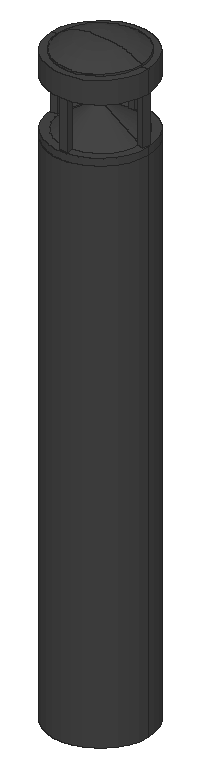
Revit family "Pavilion Round", category Lighting Fixtures, host Face, Revit 2021
Family settings
  Host = Face
  Round Connector Dimension = Use Diameter
  Part Type = Normal
  OmniClass Number = 23.80.70.14.21
  OmniClass Title = Street and Roadway Lighting
  Cut with Voids When Loaded = No
  Light Source = Yes
  Shared = No
  Room Calculation Point = No
Parameters (values of type "PA7R")
  Wattage Comments = ""
  Wattage = 14 W
  Watt = 22 W
  built-in parameter 1150110 = 1 (stored number, unit not read)
  Voltage = 120 V
  URL = "https://www.hubbell.com/kimlighting/en/"
  built-in parameter 1114217 = 1 (stored number, unit not read)
  Tilt Angle = 90.00°
  built-in parameter 1150109 = 1 (stored number, unit not read)
  built-in parameter 1150134 = 2
  built-in parameter 1150113 = 1 (stored number, unit not read)
  Product Page URL = "https://www.hubbell.com/hubbelllightingci/en/Products/Lighting-Controls/Commercial-Outdoor-Lighting/Bollards/Impact-Pavilion-Round/p/8246969"
  Product Documentation Link = "https://hubbellcdn.com/specsheet/kl_pa7r_Impact_spec.pdf"
  Power Factor = 1
  Photometric Web Link = "https://www.hubbell.com/hubbelllightingci/en/Products/Lighting-Controls/Commercial-Outdoor-Lighting/Bollards/Impact-Pavilion-Round/p/8246969#prod-photometry-section"
  Photometric Web File = "PA7R-CH1-12L-010-3K7.ies"
  Photometric Note = "More IES files download in the Photometric Web link"  # constant formula
  NU = yes
  Model = "Pavilion Impact Bollards"  # constant formula
  Manufacturer = "KIM Lighting"  # constant formula
  built-in parameter 1150105 = 94.697 (stored number, unit not read)
  Lumens = 1190 lm
  built-in parameter 1150115 = 1 (stored number, unit not read)
  Louver = no
  Load Classification = Lighting
  built-in parameter 1150137 = (empty or 0)
  built-in parameter 1150139 = (empty or 0)
  Lens Material = Hubbell - Glass
  Lens = no
  built-in parameter 1150112 = 1 (stored number, unit not read)
  built-in parameter 1150114 = 1 (stored number, unit not read)
  Lamp = "LED"  # constant formula
  built-in parameter 1150132 = (empty or 0)
  built-in parameter 1150102 = (empty or 0)
  built-in parameter 1150107 = 5000 (stored number, unit not read)
  built-in parameter 1150138 = (empty or 0)
  built-in parameter 1150106 = 0.94697 (stored number, unit not read)
  Grill = no
  Is Flat Top [instance] = not(Is Crowned Top)  # no
  Fixture Finish = Color : Black
  Features = "ASTM F3016 S20 Impact Rated\r\n• Elegant form factor blended with Performance Optics\r\n• 44 inch OAH S20 Impact Rated Illuminated and Non-Illuminated Bollards\r\n• IDA Dark Sky Compliant, No Up-light configuration\r\n• Bluetooth enabled RGBW accent"  # constant formula
  Emit from Circle Diameter = 5.00"  # constant formula
  Emit Shape Visible in Rendering = no
  built-in parameter 1150104 = 7.8968 (stored number, unit not read)
  Dimming Lamp Color Temperature Shift = <None>
  Description = "The Pavilion Impact Bollards are designed to protect pedestrians and property from the impact of errant or passing vehicles and are ASTM F3016 S20 rated (American Society for Testing and Materials). This is an architectural solution providing safety and security without the look of high security aesthetic.Pavilion redefines the bollard category with state of the art design, performance, and technology. An integral NEMA 3R enclosure, 2-Gang recessed box, and Bluetooth RGBW accent are just a few of the industry first features of Pavilion."  # constant formula
  Default Elevation = 48.00"
  Is Crowned Top [instance] = yes
  Contact us = "https://www.hubbell.com/hubbelllightingci/en/contactUs?productId=2465038"
  Color Filter = 16777215
  built-in parameter 1114218 = 1 (stored number, unit not read)
  built-in parameter 1150133 = 10 (stored number, unit not read)
  Apparent Load = Watt / Power Factor  # 22 VA
Reference planes (in)
  plane 1 "Center (Front/Back)": y = 0
  plane 2: z = 0
  plane 3 "Center (Left/Right)": x = 0
Dimensions and locks (in)
  aligned and locked: plane 2 to host face
  aligned and locked: level to host face
  aligned and locked: plane 3 "Center (Left/Right)" to imposter light
  aligned and locked: imposter light to plane 1 "Center (Front/Back)"
  aligned and locked: plane 3 "Center (Left/Right)" to nested 1
  aligned and locked: plane 1 "Center (Front/Back)" to nested 1
Nested families (in)
  nested 1: "Color" at (0, 0, 0), type <- "Fixture Finish", Lens Filter <- "Lens Material", Grill <- "Grill", Crowned Top <- "Is Crowned Top", Lens <- "Lens", NU <- "NU", Louver <- "Louver", type "Black"
    with NU yes, Louver no, Lens Filter Hubbell - Glass, Lens no, Grill no, Flat Top no, Crowned Top yes
Connectors (in)
  electrical at (0, 0, 0), driven by "Voltage", driven by "Description", driven by "Load Classification", driven by "Apparent Load", driven by "Power Factor"
    settings: on nested 1, index 1, voltage 120 V, apparent load 22 VA, apparent load phase1 0 VA, apparent load phase2 0 VA, apparent load phase3 0 VA, power factor 1, load classification "Lighting", number of poles 1, system type 30, power factor state 1, is connector primary yes, connector utility no, sub classification motor no, connector description "The Pavilion Impact Bollards are designed to protect pedestrians and property from the impact of errant or passing vehicles and are ASTM F3016 S20 rated (American Society for Testing and Materials). This is an architectural solution providing safety and security without the look of high security aesthetic.Pavilion redefines the bollard category with state of the art design, performance, and technology. An integral NEMA 3R enclosure, 2-Gang recessed box, and Bluetooth RGBW accent are just a few of the industry first features of Pavilion."
Definition of nested family "Color"
  Parameters (values of type "Black")
    Wattage Comments = ""
    Voltage = 0 V
    URL = ""
    Product Page URL = ""
    Product Material = none
    Product Documentation Link = ""
    NU [instance] = yes
    Model = ""
    Manufacturer Phone = ""
    Manufacturer = ""
    Louver [instance] = yes
    Lens Filter [instance] = none
    Lamp = ""
    Grill [instance] = yes
    Flat Top [instance] = not(Crowned Top)  # no
    Dual Reflector with Cone = no
    Lens [instance] = yes
    Description = ""
    Default Elevation = 48.00"
    Crowned Top [instance] = yes
    Certifications = ""
    Apparent Load = 0 VA
  Types (7): name | Flat Top | Crowned Top
    Dark Bronze | no | yes
    Black | no | yes
    White | no | yes
    Light Gray | no | yes
    Platinum Silver | no | yes
    Titanium | no | yes
    Graphite | yes | no
  Reference planes (in)
    plane 1 "Center (Front/Back)": y = 0
    plane 2: z = 0
    plane 3 "Center (Left/Right)": x = 0
    plane 4: z = 42
    plane 5: z = 38
    plane 6: z = 40
    plane 7: x = -3.5
    plane 8: x = 3.5
    plane 9: x = -3
    plane 10: x = 3
    plane 11: z = 38.5
    plane 12: z = 44.5
  Forms (in)
    Extrusion 1, solid
      sketch origin (0, 0, 0) x (1, 0, 0) y (0, 1, 0)
        loop
          line (-48, 48) -> (-48, -48) -> (48, -48) -> (48, 48) -> (-48, 48)
      from 0 to -12
    Extrusion 2, solid, material <- "Product Material"
      sketch origin (0, 0, 0) x (1, 0, 0) y (0, 1, 0)
        loop
          circle (0, 0) r 3.5
      from 0 to 38
    Revolve 3, solid, material <- "Product Material"
      sketch origin (0, 0, 0) x (1, 0, 0) y (0, 0, 1)
        loop
          line (3, 43.58082) -> (3, 43.7) -> (0, 43.7) -> (0, 42) -> (3.5, 42) -> (3.5, 43.58082) -> (3, 43.58082)
        axis (0, 43.7) -> (0, 42)
      angle from 0 to 360
    Revolve 4, solid, material <- "Product Material", visible <- "Crowned Top"
      sketch origin (0, 0, 0) x (1, 0, 0) y (0, 0, 1)
        loop
          line (0, 43.7) -> (3, 43.7)
          arc (3, 43.7) -> (1.57534, 44.38253) -> (0, 44.5) r 4.26729
          line (0, 44.5) -> (0, 43.7)
        axis (0, 44.5) -> (0, 43.7)
      angle from 0 to 360
    Extrusion 5, solid, material <- "Product Material"
      sketch origin (0, 0, 0) x (1, 0, 0) y (0, 1, 0)
        loop
          line (-0.28555, 3.34905) -> (-0.20591, 2.89739) -> (0.20591, 2.89739) -> (0.28555, 3.34905) -> (-0.28555, 3.34905)
        loop
          line (-0.28555, -3.34905) -> (0.28555, -3.34905) -> (0.20591, -2.89739) -> (-0.20591, -2.89739) -> (-0.28555, -3.34905)
        loop
          line (-3.34905, -0.28555) -> (-2.89739, -0.20591) -> (-2.89739, 0.20591) -> (-3.34905, 0.28555) -> (-3.34905, -0.28555)
        loop
          line (3.34905, -0.28555) -> (3.34905, 0.28555) -> (2.89739, 0.20591) -> (2.89739, -0.20591) -> (3.34905, -0.28555)
      from 38.5 to 42
    Extrusion 6, void
      sketch origin (0, 0, 0) x (1, 0, 0) y (0, 1, 0)
        loop
          circle (0, 0) r 2.62772
      from 42 to 40.35958
    Extrusion 7, solid, material <- "Lens Filter", visible <- "Lens"
      sketch origin (0, 0, 0) x (1, 0, 0) y (0, 1, 0)
        loop
          circle (0, 0) r 2.8479
        loop
          circle (0, 0) r 2.75
      from 38.5 to 42
    Extrusion 8, solid, material <- "Product Material"
      sketch origin (0, 0, 0) x (1, 0, 0) y (0, 1, 0)
        loop
          circle (0, 0) r 3.5
      from 38 to 38.5
    Revolve 9, solid, material <- "Product Material", visible <- "Grill"
      sketch origin (0, 0, 0) x (1, 0, 0) y (0, 0, 1)
        loop
          line (3, 41.49953) -> (3, 41.34262) -> (3.25, 41.34262) -> (3.25, 41.49953) -> (3, 41.49953)
        loop
          line (3, 40.43703) -> (3, 40.28012) -> (3.25, 40.28012) -> (3.25, 40.43703) -> (3, 40.43703)
        loop
          line (3, 39.30972) -> (3, 39.15281) -> (3.25, 39.15281) -> (3.25, 39.30972) -> (3, 39.30972)
        axis (0, 41.49953) -> (0, 39.15281)
      angle from 0 to 360
    Revolve 10, solid, material <- "Product Material", visible <- "NU"
      sketch origin (0, 0, 0) x (1, 0, 0) y (0, 0, 1)
        loop
          line (0, 38.5) -> (2.89739, 38.5) -> (0, 40.43703) -> (0, 38.5)
        axis (0, 40.43703) -> (0, 38.5)
      angle from 0 to 360
    Sweep 11, solid, material <- "Product Material", visible <- "Louver"
      path origin (0, 0, 0) x (1, 0, 0) y (0, 1, 0)
        loop
          circle (0, 0) r 3.5
      profile origin (0, 3.5, 0) x (0, -1, 0) y (0, 0, 1)
        loop
          line (-0.42338, 38.43055) -> (-0.34445, 38.35162) -> (0.18588, 38.88195) -> (0.10695, 38.96088) -> (-0.42338, 38.43055)
        loop
          line (-0.42338, 39.05555) -> (-0.34445, 38.97662) -> (0.18588, 39.50695) -> (0.10695, 39.58588) -> (-0.42338, 39.05555)
        loop
          line (-0.42338, 39.61805) -> (-0.34445, 39.53912) -> (0.18588, 40.06945) -> (0.10695, 40.14838) -> (-0.42338, 39.61805)
        loop
          line (-0.42338, 40.24305) -> (-0.34445, 40.16412) -> (0.18588, 40.69445) -> (0.10695, 40.77338) -> (-0.42338, 40.24305)
        loop
          line (-0.42338, 40.86805) -> (-0.34445, 40.78912) -> (0.18588, 41.31945) -> (0.10695, 41.39838) -> (-0.42338, 40.86805)
        loop
          line (-0.42338, 41.43055) -> (-0.34445, 41.35162) -> (0.18588, 41.88195) -> (0.10695, 41.96088) -> (-0.42338, 41.43055)
  Cuts and joins
    Extrusion 6 cuts Extrusion 2
    Extrusion 6 cuts Revolve 3
  Dimensions and locks (in)
    locked: plane 4 to plane 5 at 4
    equal spacing: plane 4, plane 6, plane 5
    equal spacing: plane 7, plane 3 "Center (Left/Right)", plane 8
    equal spacing: plane 9, plane 3 "Center (Left/Right)", plane 10
    plane 5 to level = 38.00"
    locked: plane 11 to plane 5 at 0.5
    plane 12 to plane 5 = 6.50"
    aligned and locked: plane 2 to Extrusion 1
    aligned and locked: level to Extrusion 1
    aligned and locked: plane 5 to Extrusion 2
    aligned and locked: Extrusion 2 to level
    aligned and locked: plane 3 "Center (Left/Right)" to Extrusion 2 sketch curve
    aligned and locked: plane 1 "Center (Front/Back)" to Extrusion 2 sketch curve
    aligned and locked: Revolve 3 sketch curve to plane 3 "Center (Left/Right)"
    aligned and locked: plane 10 to Revolve 3 sketch curve
    aligned and locked: Revolve 3 sketch curve to plane 8
    aligned and locked: plane 4 to Revolve 3 sketch curve
    aligned and locked: plane 3 "Center (Left/Right)" to Revolve 3 sketch curve
    aligned and locked: Revolve 4 sketch curve to plane 3 "Center (Left/Right)"
    aligned and locked: plane 4 to Extrusion 5
    aligned and locked: Extrusion 6 to plane 4
    aligned and locked: plane 4 to Extrusion 7
    aligned and locked: plane 11 to Extrusion 8
    aligned and locked: Extrusion 8 to plane 5
    aligned and locked: Extrusion 5 to plane 11
    aligned and locked: Extrusion 5 to Extrusion 7
  Automatic sketch dimensions
    Extrusion 1 sketch curve to Extrusion 1 sketch curve = 96.00"  (x2)
    Revolve 3 sketch curve to plane 4 = 0.65735"
    Extrusion 5 sketch curve to plane 7 = 0.15095"
    Extrusion 5 sketch curve to plane 3 "Center (Left/Right)" = 0.28555"  (x2)
    plane 1 "Center (Front/Back)" to Extrusion 5 sketch curve = 3.34905"
    Extrusion 5 sketch curve to plane 9 = 0.10261"
    Extrusion 5 sketch curve to plane 3 "Center (Left/Right)" = 0.20591"  (x2)
    plane 3 "Center (Left/Right)" to Extrusion 5 sketch curve = 0.20591"  (x2)
    plane 3 "Center (Left/Right)" to Extrusion 5 sketch curve = 0.28555"  (x2)
    Extrusion 5 sketch curve to plane 10 = 0.10261"
    Extrusion 5 sketch curve to plane 8 = 0.15095"
    Extrusion 5 sketch curve to Extrusion 5 sketch curve = 0.45166"  (x2)
    plane 1 "Center (Front/Back)" to Extrusion 5 sketch curve = 0.28555"  (x2)
    plane 1 "Center (Front/Back)" to Extrusion 5 sketch curve = 0.20591"  (x2)
    Extrusion 5 sketch curve to plane 1 "Center (Front/Back)" = 0.20591"  (x2)
    Extrusion 5 sketch curve to plane 1 "Center (Front/Back)" = 0.28555"  (x2)
    Extrusion 5 sketch curve to plane 1 "Center (Front/Back)" = 2.89739"
    plane 1 "Center (Front/Back)" to Extrusion 6 sketch curve = 0.00"
    Extrusion 6 sketch curve to plane 3 "Center (Left/Right)" = 0.00"
    Extrusion 7 sketch curve to Extrusion 7 sketch curve = 0.00"  (x2)
    plane 1 "Center (Front/Back)" to Extrusion 7 sketch curve = 0.00"
    Extrusion 7 sketch curve to plane 3 "Center (Left/Right)" = 0.00"
    plane 1 "Center (Front/Back)" to Extrusion 8 sketch curve = 0.00"
    Extrusion 8 sketch curve to plane 3 "Center (Left/Right)" = 0.00"
    Revolve 9 sketch curve to plane 10 = 0.00"  (x3)
    plane 11 to Revolve 9 sketch curve = 0.65281"
    Revolve 9 sketch curve to plane 3 "Center (Left/Right)" = 0.00"
    Revolve 9 sketch curve to plane 8 = 0.25"  (x3)
    Revolve 9 sketch curve to Revolve 9 sketch curve = 0.15691"  (x3)
    plane 6 to Revolve 9 sketch curve = 0.28012"
    Revolve 9 sketch curve to plane 4 = 0.65738"
    Revolve 9 sketch curve to plane 5 = 0.58099"
    Revolve 3 sketch curve to Revolve 3 sketch curve = 2.7573"
    Revolve 3 sketch curve to Revolve 3 sketch curve = 1.58082"
    Revolve 3 sketch curve to Revolve 3 sketch curve = 0.11918"
    plane 4 to Revolve 9 sketch curve = 1.24953"
    Revolve 4 sketch curve to plane 3 "Center (Left/Right)" = 0.00"
    Revolve 4 sketch curve to plane 10 = 0.00"
    Revolve 4 sketch curve to plane 12 = 0.00"  (x2)
    plane 6 to Revolve 4 sketch curve = 0.25933"
    plane 3 "Center (Left/Right)" to Revolve 4 sketch curve = 0.47582"
    plane 6 to Revolve 4 sketch curve = 0.45"
    Revolve 10 sketch curve to plane 3 "Center (Left/Right)" = 0.00"  (x2)
    Revolve 10 sketch curve to plane 11 = 0.00"
    Revolve 10 sketch curve to plane 10 = 0.10261"
    Revolve 10 sketch curve to level = 24.00"
    plane 6 to Revolve 10 sketch curve = 0.43703"
    plane 12 to Revolve 10 sketch curve = 58.21882"
    plane 1 "Center (Front/Back)" to Sweep 11 sketch curve = 0.00"
    Sweep 11 sketch curve to plane 3 "Center (Left/Right)" = 0.00"
    level to Sweep 11 sketch curve = 38.43055"
    profile plane to Sweep 11 sketch curve = 0.42338"  (x6)
    Sweep 11 sketch curve to Sweep 11 sketch curve = 0.07892"  (x11)
    level to Sweep 11 sketch curve = 38.35162"
    Sweep 11 sketch curve to profile plane = 0.10695"  (x6)
    Sweep 11 sketch curve to Sweep 11 sketch curve = 0.01575"  (x3)
    Sweep 11 sketch curve to Sweep 11 sketch curve = 0.04675"  (x2)
    radius of Extrusion 2 sketch curve = 3.50"
    radius of Extrusion 6 sketch curve = 2.62772"
    radius of Extrusion 7 sketch curve = 2.8479"
    radius of Extrusion 7 sketch curve = 2.75"
    radius of Extrusion 8 sketch curve = 3.50"
    radius of Sweep 11 sketch curve = 3.50"
